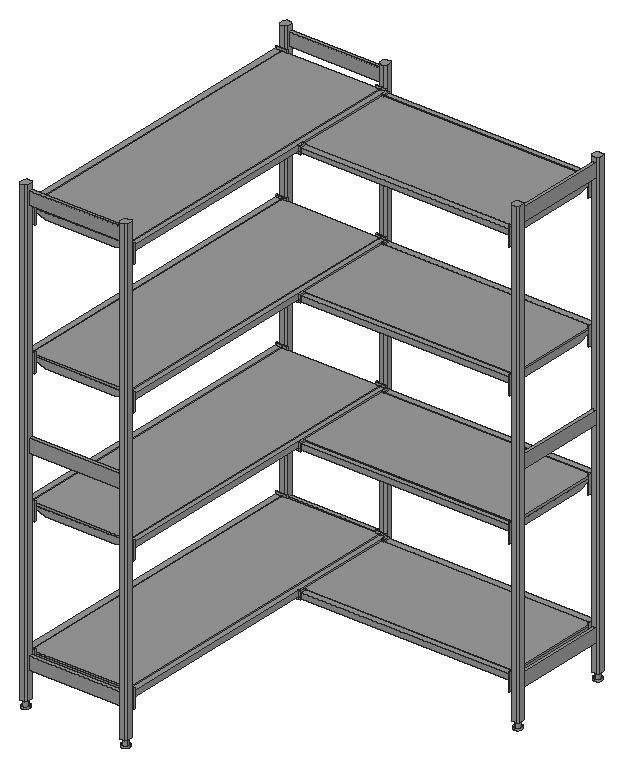
Revit family "QF_ELECTROLUXPROFESSIONAL_137108_CRS1212", category Attrezzature speciali, Revit 2020
Family settings
  Quota connettore circolare = Usa diametro
  Tipo di parte = Normale
  Basato su piano di lavoro = No
  Sempre verticale = Sì
  Taglio con vuoti quando caricato = No
  Condiviso = No
  Punto di calcolo locali = No
Parameters (values of type "Standard")
  Weight = 16.00 kg
  Watts = 0 W
  Volts = 0 V
  URL Manufacturer = "https://www.electroluxprofessional.com/"
  URL = "https://www.electroluxprofessional.com/"
  Steam Supply Size = 0 mm
  Steam Supply Minimum Pressure = 0.0 Pa
  Steam Supply Maximum Pressure = 0.0 Pa
  Steam Consumption per Hour = 0
  Refrigeration Suction Line Size = 0 mm
  Refrigeration Liquid Line Size = 0 mm
  Refrigerant Compressor Remote = yes
  Prospetto di default = 0 mm
  Produttore = "Electrolux Professional"
  Phase = 0
  Modello = "CRS1212"
  Length Actual = 708 mm  # constant formula
  Item Number = "137108"
  Hot Water Size = 0 mm
  Height Actual = 1550 mm  # constant formula
  HP = "0 HP"
  Gas Size = 0 mm
  Gas KW = 0
  Gas Input Pressure = 0 W
  Direct Waste Size = 0 mm
  Descrizione = "ALUM.SHELV.,POLY.TIERS-COLDROOM 123X123"
  Depth Actual = 373 mm  # constant formula
  Cycle = 0 Hz
  Condensate Return Size = 0 mm
  Compressed Air Volume = 0.0 L/s
  Compressed Air Size = 0 mm
  Compressed Air Pressure = 0.0 Pa
  Cold Water Size = 0 mm
  Accessory = yes
Reference planes
  plane 1 "Center (Front/Back)": y = 0
  plane 2: z = 0
  plane 3 "Center (Left/Right)": x = 0
  plane 4: x = -615
  plane 5: y = 615
  plane 6: y = -615
  plane 7: x = 615
  plane 8: x = -558.5
  plane 9: x = 558.5
  plane 10: y = 563
  plane 11: y = -563
Forms (mm)
  Extrusion 1, solid, material "QF_Clearances", detail levels coarse
    sketch origin (0, 0, 0) x (1, 0, 0) y (0, 1, 0)
      loop
        line (-615, -615) -> (615, -615) -> (615, 615) -> (-615, 615) -> (-615, -615)
      loop
        line (558.5, -563) -> (558.5, 563) -> (-558.5, 563) -> (-558.5, -563) -> (558.5, -563)
    from 0 to 1590
Lines and regions (mm)
  symbolic lines, style "QF_Clearances"
    curve 1: line (-615, 615, 0) -> (-615, -615, 0)
    curve 2: line (615, 615, 0) -> (-615, 615, 0)
    curve 3: line (615, -615, 0) -> (615, 615, 0)
Dimensions and locks
  equal spacing: plane 5, plane 1 "Center (Front/Back)", plane 6
  plane 5 to plane 6 = 1230 mm
  equal spacing: plane 4, plane 3 "Center (Left/Right)", plane 7
  plane 4 to plane 7 = 1230 mm
  plane 4 to plane 8 = 56.5 mm
  plane 8 to plane 9 = 1117 mm
  plane 11 to plane 6 = 52 mm
  plane 10 to plane 11 = 1126 mm
  aligned and locked: level to plane 2
  aligned and locked: plane 4 to Extrusion 1 sketch curve
  aligned and locked: Extrusion 1 sketch curve to plane 5
  aligned and locked: Extrusion 1 sketch curve to plane 7
  aligned and locked: Extrusion 1 sketch curve to plane 8
  aligned and locked: plane 10 to Extrusion 1 sketch curve
  aligned and locked: plane 9 to Extrusion 1 sketch curve
  aligned and locked: Extrusion 1 sketch curve to plane 11
  aligned and locked: Extrusion 1 sketch curve to plane 6
Automatic sketch dimensions
  curve 1 to plane 4 = 0 mm
  curve 2 to plane 5 = 0 mm
  curve 2 to plane 7 = 0 mm
  curve 1 to plane 6 = 0 mm
  curve 3 to plane 6 = 0 mm
Nested families
  nested 1: "QF_1062" at (-535.5, 31, 0) x (0, 1, 0) z (0, 0, 1), type "QF_1062"
  nested 2: "QF_708G" at (10.5, 373.5, 0) x (0, 1, 0) z (0, 0, 1), type "QF_708G"
Definition of nested family "QF_1062"
  Parameters
    Default Elevation = 0 mm
    Model = "137014"
    Manufacturer = "Electrolux Professional"
    Description = ""
  Reference planes
    plane 1: z = 0
    plane 2 "Center (Left/Right)": x = -31
    plane 3 "LEFT": x = -594
    plane 4 "RIGHT": x = 532
    plane 5 "BACK": y = 23
    plane 6 "FRONT": y = -350
    plane 7 "TOP": z = 1700
    plane 8: x = 527
    plane 9: x = -562
    plane 10: x = 500
    plane 11 "Center (Front/Back)": y = -163.5
    plane 12: x = 495
    plane 13: y = -8.5
    plane 14: y = -318.5
    plane 15 "FEET": z = 25
    plane 16: z = 140
    plane 17: z = 590
    plane 18: z = 1040
    plane 19: z = 1490
    plane 20 "CXLeft": x = -580
    plane 21 "CXRight": x = 518
    plane 22: y = 5.5
    plane 23 "CYBack": y = 5.5
    plane 24 "CYFront": y = -332.5
  Forms (mm)
    Extrusion 1, solid
      sketch origin (-594, 0, 0) x (0, 1, 0) y (0, 0, 1)
        loop
          line (4, 1515.994) -> (4, 1497.998) -> (23, 1497.998) -> (23, 1515.994) -> (4, 1515.994)
        loop
          line (-331, 1515.994) -> (-350, 1515.994) -> (-350, 1497.998) -> (-331, 1497.998) -> (-331, 1515.994)
        loop
          line (4, 1065.994) -> (4, 1047.998) -> (23, 1047.998) -> (23, 1065.994) -> (4, 1065.994)
        loop
          line (-331, 1065.994) -> (-350, 1065.994) -> (-350, 1047.998) -> (-331, 1047.998) -> (-331, 1065.994)
        loop
          line (4, 615.994) -> (4, 597.998) -> (23, 597.998) -> (23, 615.994) -> (4, 615.994)
        loop
          line (-331, 615.994) -> (-350, 615.994) -> (-350, 597.998) -> (-331, 597.998) -> (-331, 615.994)
        loop
          line (4, 165.994) -> (4, 147.998) -> (23, 147.998) -> (23, 165.994) -> (4, 165.994)
        loop
          line (-331, 165.994) -> (-350, 165.994) -> (-350, 147.998) -> (-331, 147.998) -> (-331, 165.994)
      from 32 to 1094
    Extrusion 2, solid
      sketch origin (-594, 0, 135) x (0, 1, 0) y (0, 0, 1)
        loop
          line (2.007, 1380.994) -> (-329, 1380.994) -> (-329, 1374.496) -> (2.007, 1374.496) -> (2.007, 1380.994)
        loop
          line (2.007, 930.994) -> (-329, 930.994) -> (-329, 924.496) -> (2.007, 924.496) -> (2.007, 930.994)
        loop
          line (2.007, 480.994) -> (-329, 480.994) -> (-329, 474.496) -> (2.007, 474.496) -> (2.007, 480.994)
        loop
          line (2.007, 30.994) -> (-329, 30.994) -> (-329, 24.496) -> (2.007, 24.496) -> (2.007, 30.994)
      from 32 to 1094
    Extrusion 3, solid
      sketch origin (532, 0, 135) x (0, 1, 0) y (0, 0, 1)
        loop
          line (-12, 1362.998) -> (4, 1362.998) -> (4, 1380.994) -> (2.007, 1380.994) -> (2.007, 1374.496) -> (-329, 1374.496) -> (-329, 1380.994) -> (-331, 1380.994) -> (-331, 1362.998) -> (-315, 1362.998) -> (-281, 1350.994) -> (-46, 1350.994) -> (-12, 1362.998)
        loop
          line (-12, 912.998) -> (4, 912.998) -> (4, 930.994) -> (2.007, 930.994) -> (2.007, 924.496) -> (-329, 924.496) -> (-329, 930.994) -> (-331, 930.994) -> (-331, 912.998) -> (-315, 912.998) -> (-281, 900.994) -> (-46, 900.994) -> (-12, 912.998)
        loop
          line (-12, 462.998) -> (4, 462.998) -> (4, 480.994) -> (2.007, 480.994) -> (2.007, 474.496) -> (-329, 474.496) -> (-329, 480.994) -> (-331, 480.994) -> (-331, 462.998) -> (-315, 462.998) -> (-281, 450.994) -> (-46, 450.994) -> (-12, 462.998)
        loop
          line (-12, 12.998) -> (4, 12.998) -> (4, 30.994) -> (2.007, 30.994) -> (2.007, 24.496) -> (-329, 24.496) -> (-329, 30.994) -> (-331, 30.994) -> (-331, 12.998) -> (-315, 12.998) -> (-281, 0.994) -> (-46, 0.994) -> (-12, 12.998)
      from -32 to -37
  Lines and regions (mm)
    symbolic lines
      curve 1: line (500, 4, 1700) -> (-562, 4, 1700)
      curve 2: line (-566, 23, 1700) -> (504, 23, 1700)
      curve 3: line (504, 13.246, 1700) -> (510.254, 19.5, 1700)
      curve 4: line (510.254, -8.5, 1700) -> (504, -2.246, 1700)
      curve 5: line (510.254, -318.5, 1700) -> (504, -324.754, 1700)
      curve 6: line (-566, -350, 1700) -> (504, -350, 1700)
      curve 7: line (504, 23, 1700) -> (504, -12.993, 1700)
      curve 8: line (504, -12.993, 1700) -> (500, -12.993, 1700)
      curve 9: line (504, -350, 1700) -> (504, -314.007, 1700)
      curve 10: line (504, -314.007, 1700) -> (500, -314.007, 1700)
      curve 11: line (-562, -12.993, 1700) -> (-562, -314.007, 1700)
      curve 12: line (-562, -331, 1700) -> (500, -331, 1700)
      curve 13: line (500, -12.993, 1700) -> (500, -314.007, 1700)
  Dimensions and locks
    locked: plane 3 "LEFT" to plane 4 "RIGHT" at 1126
    equal spacing: plane 3 "LEFT", plane 2 "Center (Left/Right)", plane 4 "RIGHT"
    locked: plane 7 "TOP" to level at 1700
    locked: plane 5 "BACK" to plane 6 "FRONT" at 373
    locked: plane 4 "RIGHT" to plane 8 at 5
    locked: plane 9 to plane 10 at 1062
    locked: plane 3 "LEFT" to plane 9 at 32
    plane 12 to plane 10 = 5 mm
    locked: plane 13 to plane 14 at 310
    equal spacing: plane 13, plane 11 "Center (Front/Back)", plane 14
    equal spacing: plane 5 "BACK", plane 11 "Center (Front/Back)", plane 6 "FRONT"
    plane 15 "FEET" to level = 25 mm
    plane 7 "TOP" to plane 15 "FEET" = 1675 mm
    plane 17 to plane 16 = 450 mm
    plane 18 to plane 17 = 450 mm
    plane 19 to plane 18 = 450 mm
    locked: plane 3 "LEFT" to plane 20 "CXLeft" at 14
    locked: plane 21 "CXRight" to plane 4 "RIGHT" at 14
    locked: plane 5 "BACK" to plane 23 "CYBack" at 17.5
    locked: plane 24 "CYFront" to plane 6 "FRONT" at 17.5
    plane 16 to level = 140 mm
    plane 17 to level = 590 mm
    plane 18 to level = 1040 mm
    plane 19 to level = 1490 mm
    aligned and locked: level to plane 1
    aligned and locked: plane 9 to Extrusion 2
    aligned and locked: Extrusion 2 to plane 10
    aligned and locked: plane 9 to Extrusion 1
    aligned and locked: Extrusion 1 to plane 10
    aligned and locked: Extrusion 1 sketch curve to Extrusion 1 sketch curve  (x2)
    aligned and locked: Extrusion 3 sketch curve to Extrusion 3 sketch curve  (x3)
    aligned and locked: Extrusion 3 to plane 12
    aligned and locked: Extrusion 3 to plane 10
    aligned and locked: plane 20 "CXLeft" to nested 1
    aligned and locked: plane 21 "CXRight" to nested 2
  Automatic sketch dimensions
    Extrusion 1 sketch curve to plane 6 "FRONT" = 0 mm  (x4)
    Extrusion 1 sketch curve to plane 5 "BACK" = 0 mm  (x4)
    plane 24 "CYFront" to Extrusion 1 sketch curve = 1.5 mm  (x2)
    plane 22 to Extrusion 1 sketch curve = 1.5 mm  (x4)
    plane 16 to Extrusion 1 sketch curve = 7.998 mm  (x2)
    Extrusion 1 sketch curve to Extrusion 1 sketch curve = 17.997 mm  (x8)
    plane 17 to Extrusion 1 sketch curve = 7.998 mm  (x2)
    plane 18 to Extrusion 1 sketch curve = 7.998 mm  (x2)
    plane 19 to Extrusion 1 sketch curve = 7.998 mm  (x2)
    plane 24 "CYFront" to Extrusion 2 sketch curve = 3.5 mm  (x4)
    plane 22 to Extrusion 2 sketch curve = 3.493 mm  (x4)
    plane 16 to Extrusion 2 sketch curve = 19.496 mm
    Extrusion 2 sketch curve to Extrusion 2 sketch curve = 6.499 mm  (x4)
    plane 17 to Extrusion 2 sketch curve = 19.496 mm
    plane 18 to Extrusion 2 sketch curve = 19.496 mm
    plane 19 to Extrusion 2 sketch curve = 19.496 mm
    plane 24 "CYFront" to Extrusion 3 sketch curve = 1.5 mm  (x4)
    Extrusion 3 sketch curve to Extrusion 3 sketch curve = 2 mm
    plane 14 to Extrusion 3 sketch curve = 3.5 mm  (x4)
    Extrusion 3 sketch curve to plane 16 = 4.006 mm
    Extrusion 3 sketch curve to Extrusion 3 sketch curve = 34 mm  (x4)
    Extrusion 3 sketch curve to plane 17 = 4.006 mm
    Extrusion 3 sketch curve to plane 18 = 4.006 mm
    Extrusion 3 sketch curve to plane 19 = 4.006 mm
    Extrusion 3 sketch curve to plane 13 = 37.5 mm  (x4)
    Extrusion 3 sketch curve to plane 13 = 3.5 mm  (x4)
    plane 22 to Extrusion 3 sketch curve = 3.493 mm  (x4)
    plane 22 to Extrusion 3 sketch curve = 1.5 mm  (x4)
    plane 16 to Extrusion 3 sketch curve = 7.998 mm  (x2)
    Extrusion 3 sketch curve to Extrusion 3 sketch curve = 11.498 mm  (x4)
    Extrusion 3 sketch curve to Extrusion 3 sketch curve = 6.499 mm  (x8)
    plane 17 to Extrusion 3 sketch curve = 7.998 mm  (x2)
    plane 18 to Extrusion 3 sketch curve = 7.998 mm  (x2)
    plane 19 to Extrusion 3 sketch curve = 7.998 mm  (x2)
    curve 6 to plane 6 "FRONT" = 0 mm
    curve 12 to plane 9 = 0 mm
    curve 12 to plane 10 = 0 mm
    curve 5 to plane 14 = 0 mm
    curve 11 to plane 9 = 0 mm
    curve 8 to plane 10 = 0 mm
    curve 4 to plane 13 = 0 mm
    curve 1 to plane 9 = 0 mm
    curve 1 to plane 10 = 0 mm
    curve 2 to plane 5 "BACK" = 0 mm
    plane 14 to curve 10 = 4.493 mm
    curve 7 to plane 13 = 4.493 mm
    curve 10 to plane 10 = 4 mm
    curve 7 to plane 10 = 4 mm
    plane 24 "CYFront" to curve 12 = 1.5 mm
    curve 5 to plane 14 = 6.254 mm
    plane 14 to curve 11 = 4.493 mm
    curve 11 to plane 13 = 4.493 mm
    plane 13 to curve 4 = 6.254 mm
    plane 22 to curve 1 = 1.5 mm
    curve 3 to plane 22 = 7.746 mm
    curve 3 to plane 5 "BACK" = 3.5 mm
    curve 5 to curve 9 = 6.254 mm
    curve 3 to curve 2 = 6.254 mm
    curve 4 to curve 7 = 6.254 mm
    plane 9 to curve 2 = 4 mm
    plane 9 to curve 6 = 4 mm
  Nested families
    nested 1: "WT_Anta373B" at (-177, 0, 0), type "WT_Anta373B"
    nested 2: "WT_Anta373B" at (115, 0, 0) x (-1, 0, 0) z (0, 0, 1), type "WT_Anta373B"
  Definition of nested family "WT_Anta373B"
    Parameters
      WidthLeft = A + 64 mm  # 772 mm
      Width = 1606 mm
      Right = WidthLeft / 2  # 386 mm
      Default Elevation = 0 mm
      Left = -WidthLeft / 2  # -386 mm
      Height = 1590 mm
      FEET = 25 mm
      E = 0 mm
      Dint = Depth - 63 mm  # 310 mm
      Dext = Depth - 8 mm  # 365 mm
      Depth = 373 mm
      DX = (WidthLeft - A) / 2  # 32 mm
      B = 798 mm
      A = 708 mm
    Reference planes
      plane 1: z = 0
      plane 2 "LEFT": x = -417
      plane 3 "BACK": y = 23
      plane 4 "FRONT": y = -350
      plane 5 "TOP": z = 1590
      plane 6 "Center (Front/Back)": y = -163.5
      plane 7: y = -8.5
      plane 8: y = -318.5
      plane 9 "FEET": z = 25
      plane 10: z = 140
      plane 11: z = 590
      plane 12: z = 1040
      plane 13: z = 1490
      plane 14 "CXLeft": x = -403
      plane 15: y = 5.5
      plane 16 "CYBack": y = 5.5
      plane 17 "CYFront": y = -332.5
      plane 18: x = -385.031
      plane 19: x = -380.031
    Forms (mm)
      Extrusion 1, solid
        sketch origin (0, 0, 0) x (1, 0, 0) y (0, 1, 0)
          loop
            line (-417, 13.246) -> (-417, -2.246) -> (-410.746, -8.5) -> (-395.254, -8.5) -> (-389, -2.246) -> (-389, 13.246) -> (-395.254, 19.5) -> (-410.746, 19.5) -> (-417, 13.246)
        from 1590 to 25
      Extrusion 2, solid
        sketch origin (-417, 0, 0) x (0, 1, 0) y (0, 0, 1)
          loop
            line (23, 111.005) -> (23, 172.993) -> (-12.993, 172.993) -> (-12.993, 111.005) -> (23, 111.005)
          loop
            line (-350, 111.005) -> (-314.007, 111.005) -> (-314.007, 172.993) -> (-350, 172.993) -> (-350, 111.005)
          loop
            line (23, 561.005) -> (23, 622.993) -> (-12.993, 622.993) -> (-12.993, 561.005) -> (23, 561.005)
          loop
            line (-350, 561.005) -> (-314.007, 561.005) -> (-314.007, 622.993) -> (-350, 622.993) -> (-350, 561.005)
          loop
            line (23, 1011.005) -> (23, 1072.993) -> (-12.993, 1072.993) -> (-12.993, 1011.005) -> (23, 1011.005)
          loop
            line (-350, 1011.005) -> (-314.007, 1011.005) -> (-314.007, 1072.993) -> (-350, 1072.993) -> (-350, 1011.005)
          loop
            line (23, 1461.005) -> (23, 1522.993) -> (-12.993, 1522.993) -> (-12.993, 1461.005) -> (23, 1461.005)
          loop
            line (-350, 1461.005) -> (-314.007, 1461.005) -> (-314.007, 1522.993) -> (-350, 1522.993) -> (-350, 1461.005)
        from 28 to 32
      Revolve 3, solid
        sketch origin (-403, 0, 0) x (0, 1, 0) y (0, 0, 1)
          loop
            line (5.5, 25) -> (5.5, 0) -> (19, 0) -> (19, 5) -> (14, 5) -> (14, 25) -> (5.5, 25)
          axis (5.5, 25) -> (5.5, 0)
        angle from 0 to 360
      Extrusion 4, solid
        sketch origin (-403, 0, 0) x (0, 1, 0) y (0, 0, 1)
          loop
            line (-8.5, 777.382) -> (-8.5, 822.374) -> (-318.5, 822.374) -> (-318.5, 777.382) -> (-8.5, 777.382)
          loop
            line (-8.5, 1527.244) -> (-8.5, 1572.236) -> (-318.5, 1572.236) -> (-318.5, 1527.244) -> (-8.5, 1527.244)
        from -5 to 5
      Revolve 5, solid
        sketch origin (-403, -627, 0) x (0, -1, 0) y (0, 0, 1)
          loop
            line (-294.5, 25) -> (-294.5, 0) -> (-281, 0) -> (-281, 5) -> (-286, 5) -> (-286, 25) -> (-294.5, 25)
          axis (-294.5, 25) -> (-294.5, 0)
        angle from 0 to 360
      Extrusion 6, solid
        sketch origin (0, -627, 0) x (1, 0, 0) y (0, 1, 0)
          loop
            line (-417, 286.754) -> (-410.746, 280.5) -> (-395.254, 280.5) -> (-389, 286.754) -> (-389, 302.246) -> (-395.254, 308.5) -> (-410.746, 308.5) -> (-417, 302.246) -> (-417, 286.754)
        from 1590 to 25
      Extrusion 7, solid
        sketch origin (-417.031, -0.022, 0) x (0, 1, 0) y (0, 0, -1)
          loop
            line (-12, -1497.998) -> (-46, -1485.994) -> (-281, -1485.994) -> (-315, -1497.998) -> (-331, -1497.998) -> (-331, -1515.994) -> (-329, -1515.994) -> (-329, -1509.496) -> (2.007, -1509.496) -> (2.007, -1515.994) -> (4, -1515.994) -> (4, -1497.998) -> (-12, -1497.998)
          loop
            line (-12, -1047.998) -> (-46, -1035.994) -> (-281, -1035.994) -> (-315, -1047.998) -> (-331, -1047.998) -> (-331, -1065.994) -> (-329, -1065.994) -> (-329, -1059.496) -> (2.007, -1059.496) -> (2.007, -1065.994) -> (4, -1065.994) -> (4, -1047.998) -> (-12, -1047.998)
          loop
            line (-12, -597.998) -> (-46, -585.994) -> (-281, -585.994) -> (-315, -597.998) -> (-331, -597.998) -> (-331, -615.994) -> (-329, -615.994) -> (-329, -609.496) -> (2.007, -609.496) -> (2.007, -615.994) -> (4, -615.994) -> (4, -597.998) -> (-12, -597.998)
          loop
            line (-12, -147.998) -> (-46, -135.994) -> (-281, -135.994) -> (-315, -147.998) -> (-331, -147.998) -> (-331, -165.994) -> (-329, -165.994) -> (-329, -159.496) -> (2.007, -159.496) -> (2.007, -165.994) -> (4, -165.994) -> (4, -147.998) -> (-12, -147.998)
        from -32 to -37
      Extrusion 8, solid
        sketch origin (-403, 0, -659.878) x (0, 1, 0) y (0, 0, 1)
          loop
            line (-8.5, 777.382) -> (-8.5, 822.374) -> (-318.5, 822.374) -> (-318.5, 777.382) -> (-8.5, 777.382)
          loop
            line (-8.5, 1437.382) -> (-8.5, 1482.374) -> (-318.5, 1482.374) -> (-318.5, 1437.382) -> (-8.5, 1437.382)
          loop
            line (-8.5, 2187.382) -> (-8.5, 2232.374) -> (-318.5, 2232.374) -> (-318.5, 2187.382) -> (-8.5, 2187.382)
        from -5 to 5
    Lines and regions (mm)
      symbolic lines
        curve 1: line (-408, -8.5, 1590) -> (-408, -318.5, 1590)
        curve 2: line (-398, -318.5, 1590) -> (-398, -8.5, 1590)
        curve 3: line (-395.254, -8.5, 1590) -> (-410.746, -8.5, 1590)
        curve 4: line (-417, -2.246, 1590) -> (-410.746, -8.5, 1590)
        curve 5: line (-417, 13.246, 1590) -> (-417, -2.246, 1590)
        curve 6: line (-410.746, 19.5, 1590) -> (-417, 13.246, 1590)
        curve 7: line (-395.254, 19.5, 1590) -> (-410.746, 19.5, 1590)
        curve 8: line (-389, 13.246, 1590) -> (-395.254, 19.5, 1590)
        curve 9: line (-395.254, -8.5, 1590) -> (-389, -2.246, 1590)
        curve 10: line (-395.254, -318.5, 1590) -> (-410.746, -318.5, 1590)
        curve 11: line (-417, -324.754, 1590) -> (-410.746, -318.5, 1590)
        curve 12: line (-410.746, -346.5, 1590) -> (-417, -340.246, 1590)
        curve 13: line (-395.254, -346.5, 1590) -> (-410.746, -346.5, 1590)
        curve 14: line (-389, -340.246, 1590) -> (-395.254, -346.5, 1590)
        curve 15: line (-395.254, -318.5, 1590) -> (-389, -324.754, 1590)
        curve 16: line (-389, -350, 1590) -> (-389, -314.007, 1590)
        curve 17: line (-389, -314.007, 1590) -> (-385, -314.007, 1590)
        curve 18: line (-389, 23, 1590) -> (-389, -12.993, 1590)
        curve 19: line (-389, -12.993, 1590) -> (-385, -12.993, 1590)
        curve 20: line (-417, -324.754, 1590) -> (-417, -340.246, 1590)
        curve 21: line (-385, -350, 1590) -> (-385, -314.007, 1590)
        curve 22: line (-385, -350, 1590) -> (-389, -350, 1590)
        curve 23: line (-385, 23, 1590) -> (-389, 23, 1590)
        curve 24: line (-385, -12.993, 1590) -> (-385, 23, 1590)
        curve 25: line (-385.031, -13.016, 1725) -> (-385.031, -314.029, 1725)
    Dimensions and locks
      "Depth": plane 3 "BACK" to plane 4 "FRONT"
      "Dint": plane 7 to plane 8
      equal spacing: plane 7, plane 6 "Center (Front/Back)", plane 8
      equal spacing: plane 3 "BACK", plane 6 "Center (Front/Back)", plane 4 "FRONT"
      plane 9 "FEET" to level = 25 mm
      plane 10 to plane 9 "FEET" = 115 mm
      plane 11 to plane 10 = 450 mm
      plane 12 to plane 11 = 450 mm
      plane 13 to plane 12 = 450 mm
      locked: plane 2 "LEFT" to plane 14 "CXLeft" at 14
      locked: plane 3 "BACK" to plane 16 "CYBack" at 17.5
      locked: plane 17 "CYFront" to plane 4 "FRONT" at 17.5
      locked: Revolve 3 sketch curve to Revolve 3 sketch curve at 8.5
      locked: Revolve 3 sketch curve to plane 16 "CYBack" at 13.5
      locked: Revolve 5 sketch curve to Revolve 5 sketch curve at 8.5
      plane 10 to level = 140 mm
      plane 11 to level = 590 mm
      plane 12 to level = 1040 mm
      plane 13 to level = 1490 mm
      "Height": plane 5 "TOP" to level
      aligned and locked: level to plane 1
      aligned and locked: curve 20 to Extrusion 6
      aligned and locked: plane 5 "TOP" to Extrusion 1
      aligned and locked: plane 5 "TOP" to Extrusion 6
      aligned and locked: Extrusion 7 sketch curve to Extrusion 7 sketch curve  (x3)
    Automatic sketch dimensions
      curve 16 to plane 4 "FRONT" = 0 mm
      curve 11 to plane 8 = 0 mm
      curve 9 to plane 7 = 0 mm
      curve 5 to plane 2 "LEFT" = 0 mm
      curve 23 to plane 3 "BACK" = 0 mm
      plane 4 "FRONT" to curve 13 = 3.5 mm
      curve 20 to plane 17 "CYFront" = 7.746 mm
      curve 20 to plane 8 = 6.254 mm
      plane 8 to curve 16 = 4.493 mm
      curve 24 to plane 18 = 0.031 mm
      curve 24 to plane 7 = 4.493 mm
      plane 7 to curve 5 = 6.254 mm
      curve 5 to plane 15 = 7.746 mm
      curve 6 to plane 3 "BACK" = 3.5 mm
      curve 21 to plane 18 = 0.031 mm
      plane 18 to curve 23 = 3.969 mm
      plane 18 to curve 16 = 3.969 mm
      curve 18 to curve 8 = 6.254 mm
      curve 18 to curve 3 = 6.254 mm
      curve 16 to curve 13 = 6.254 mm
      curve 16 to curve 15 = 6.254 mm
      plane 2 "LEFT" to curve 10 = 6.254 mm
      plane 2 "LEFT" to curve 7 = 6.254 mm
      plane 2 "LEFT" to curve 12 = 6.254 mm
      plane 2 "LEFT" to curve 3 = 6.254 mm
      curve 14 to plane 17 "CYFront" = 7.746 mm
      curve 15 to plane 8 = 6.254 mm
      plane 7 to curve 9 = 6.254 mm
      curve 8 to plane 15 = 7.746 mm
      curve 3 to curve 2 = 2.746 mm
      curve 1 to curve 10 = 2.746 mm
      Extrusion 1 sketch curve to plane 2 "LEFT" = 0 mm
      Extrusion 1 sketch curve to plane 7 = 0 mm
      plane 2 "LEFT" to Extrusion 1 sketch curve = 6.254 mm  (x2)
      plane 14 "CXLeft" to Extrusion 1 sketch curve = 7.746 mm  (x2)
      Extrusion 1 sketch curve to plane 3 "BACK" = 3.5 mm
      plane 18 to Extrusion 1 sketch curve = 3.969 mm
      plane 7 to Extrusion 1 sketch curve = 6.254 mm  (x2)
      Extrusion 1 sketch curve to plane 15 = 7.746 mm  (x2)
      Extrusion 2 sketch curve to plane 4 "FRONT" = 0 mm  (x4)
      Extrusion 2 sketch curve to plane 3 "BACK" = 0 mm  (x4)
      plane 8 to Extrusion 2 sketch curve = 4.493 mm  (x4)
      Extrusion 2 sketch curve to plane 7 = 4.493 mm  (x4)
      Extrusion 2 sketch curve to plane 10 = 28.995 mm  (x2)
      plane 10 to Extrusion 2 sketch curve = 32.993 mm  (x2)
      Extrusion 2 sketch curve to plane 11 = 28.995 mm  (x2)
      plane 11 to Extrusion 2 sketch curve = 32.993 mm  (x2)
      Extrusion 2 sketch curve to plane 12 = 28.995 mm  (x2)
      plane 12 to Extrusion 2 sketch curve = 32.993 mm  (x2)
      Extrusion 2 sketch curve to plane 13 = 28.995 mm  (x2)
      plane 13 to Extrusion 2 sketch curve = 32.993 mm  (x2)
      Revolve 3 sketch curve to plane 9 "FEET" = 0 mm  (x2)
      Revolve 3 sketch curve to plane 15 = 0 mm  (x2)
      Revolve 3 sketch curve to level = 0 mm
      level to Revolve 3 sketch curve = 5 mm
      Revolve 3 sketch curve to Revolve 3 sketch curve = 11.655 mm
      Extrusion 4 sketch curve to plane 8 = 0 mm  (x2)
      Extrusion 4 sketch curve to plane 7 = 0 mm  (x2)
      plane 11 to Extrusion 4 sketch curve = 187.382 mm
      Extrusion 4 sketch curve to Extrusion 4 sketch curve = 44.992 mm
      plane 13 to Extrusion 4 sketch curve = 37.244 mm
      Extrusion 4 sketch curve to plane 5 "TOP" = 17.764 mm
      Revolve 5 sketch curve to plane 9 "FEET" = 0 mm  (x2)
      Revolve 5 sketch curve to plane 17 "CYFront" = 0 mm  (x2)
      Revolve 5 sketch curve to level = 0 mm
      Revolve 5 sketch curve to plane 4 "FRONT" = 4 mm
      Revolve 5 sketch curve to Revolve 5 sketch curve = 5 mm
      level to Revolve 5 sketch curve = 11.655 mm
      Extrusion 6 sketch curve to plane 2 "LEFT" = 0 mm
      Extrusion 6 sketch curve to plane 8 = 0 mm
      Extrusion 6 sketch curve to plane 2 "LEFT" = 6.254 mm  (x2)
      Extrusion 6 sketch curve to plane 14 "CXLeft" = 7.746 mm  (x2)
      Extrusion 6 sketch curve to plane 4 "FRONT" = 3.5 mm
      Extrusion 6 sketch curve to plane 18 = 3.969 mm
      plane 8 to Extrusion 6 sketch curve = 6.254 mm  (x2)
      plane 17 "CYFront" to Extrusion 6 sketch curve = 7.746 mm  (x2)
      plane 17 "CYFront" to Extrusion 7 sketch curve = 1.478 mm  (x4)
      Extrusion 7 sketch curve to Extrusion 7 sketch curve = 2 mm
      plane 8 to Extrusion 7 sketch curve = 3.478 mm  (x4)
      Extrusion 7 sketch curve to plane 10 = 4.006 mm
      Extrusion 7 sketch curve to Extrusion 7 sketch curve = 34 mm  (x4)
      Extrusion 7 sketch curve to plane 11 = 4.006 mm
      Extrusion 7 sketch curve to plane 12 = 4.006 mm
      Extrusion 7 sketch curve to plane 13 = 4.006 mm
      Extrusion 7 sketch curve to plane 7 = 37.522 mm  (x4)
      Extrusion 7 sketch curve to plane 7 = 3.522 mm  (x4)
      plane 15 to Extrusion 7 sketch curve = 3.516 mm  (x4)
      plane 15 to Extrusion 7 sketch curve = 1.522 mm  (x4)
      plane 13 to Extrusion 7 sketch curve = 7.998 mm  (x2)
      Extrusion 7 sketch curve to Extrusion 7 sketch curve = 11.498 mm
      Extrusion 7 sketch curve to Extrusion 7 sketch curve = 6.499 mm  (x5)
      plane 12 to Extrusion 7 sketch curve = 25.994 mm  (x2)
      plane 12 to Extrusion 7 sketch curve = 7.998 mm  (x2)
      plane 11 to Extrusion 7 sketch curve = 25.994 mm  (x2)
      plane 11 to Extrusion 7 sketch curve = 7.998 mm  (x2)
      plane 10 to Extrusion 7 sketch curve = 25.994 mm  (x2)
      plane 10 to Extrusion 7 sketch curve = 7.998 mm  (x2)
      curve 25 to plane 18 = 0 mm
      plane 8 to curve 25 = 4.471 mm
      curve 25 to plane 7 = 4.516 mm
      Extrusion 8 sketch curve to plane 8 = 0 mm  (x3)
      Extrusion 8 sketch curve to plane 7 = 0 mm  (x3)
      Extrusion 8 sketch curve to plane 10 = 22.496 mm
      plane 10 to Extrusion 8 sketch curve = 22.496 mm
      plane 11 to Extrusion 8 sketch curve = 187.504 mm
      Extrusion 8 sketch curve to Extrusion 8 sketch curve = 44.992 mm
      plane 13 to Extrusion 8 sketch curve = 37.504 mm
      Extrusion 8 sketch curve to plane 5 "TOP" = 17.504 mm
Definition of nested family "QF_708G"
  Parameters
    Default Elevation = 0 mm
    Model = "137030"
    Manufacturer = "Electrolux Professional"
    Description = ""
  Reference planes
    plane 1: z = 0
    plane 2 "Center (F/B)": y = -163.5
    plane 3 "Front": y = -549.5
    plane 4 "Left": x = -217.5
    plane 5 "Right": x = 155.5
    plane 6 "TOP": z = 1700
    plane 7: y = -517.5
    plane 8: y = 190.5
    plane 9 "Center (Left/Right)": x = -31
    plane 10: y = 185.5
    plane 11: x = -186
    plane 12: x = 124
    plane 13 "FEET": z = 25
    plane 14: z = 140
    plane 15: z = 590
    plane 16: z = 1040
    plane 17: z = 1490
    plane 18 "CXLeft": y = -535.5
    plane 19: x = -200
    plane 20 "CYBack": x = -200
    plane 21 "CYFront": x = 138
    plane 22 "Back": y = 194.5
    plane 23 "LEFT_ORIGIN": x = -251.5
    plane 24 "BACK_Origin": y = 567.5
  Forms (mm)
    Extrusion 1, solid
      sketch origin (0, -549.5, 0) x (-1, 0, 0) y (0, 0, 1)
        loop
          line (198.5, 1515.994) -> (198.5, 1497.998) -> (217.5, 1497.998) -> (217.5, 1515.994) -> (198.5, 1515.994)
        loop
          line (-136.5, 1515.994) -> (-155.5, 1515.994) -> (-155.5, 1497.998) -> (-136.5, 1497.998) -> (-136.5, 1515.994)
        loop
          line (198.5, 1065.994) -> (198.5, 1047.998) -> (217.5, 1047.998) -> (217.5, 1065.994) -> (198.5, 1065.994)
        loop
          line (-136.5, 1065.994) -> (-155.5, 1065.994) -> (-155.5, 1047.998) -> (-136.5, 1047.998) -> (-136.5, 1065.994)
        loop
          line (198.5, 615.994) -> (198.5, 597.998) -> (217.5, 597.998) -> (217.5, 615.994) -> (198.5, 615.994)
        loop
          line (-136.5, 615.994) -> (-155.5, 615.994) -> (-155.5, 597.998) -> (-136.5, 597.998) -> (-136.5, 615.994)
        loop
          line (198.5, 165.994) -> (198.5, 147.998) -> (217.5, 147.998) -> (217.5, 165.994) -> (198.5, 165.994)
        loop
          line (-136.5, 165.994) -> (-155.5, 165.994) -> (-155.5, 147.998) -> (-136.5, 147.998) -> (-136.5, 165.994)
      from 32 to 740
    Extrusion 2, solid
      sketch origin (0, -549.5, 0) x (-1, 0, 0) y (0, 0, 1)
        loop
          line (196.507, 1515.994) -> (-134.5, 1515.994) -> (-134.5, 1509.496) -> (196.507, 1509.496) -> (196.507, 1515.994)
        loop
          line (196.507, 1065.994) -> (-134.5, 1065.994) -> (-134.5, 1059.496) -> (196.507, 1059.496) -> (196.507, 1065.994)
        loop
          line (196.507, 615.994) -> (-134.5, 615.994) -> (-134.5, 609.496) -> (196.507, 609.496) -> (196.507, 615.994)
        loop
          line (196.507, 165.994) -> (-134.5, 165.994) -> (-134.5, 159.496) -> (196.507, 159.496) -> (196.507, 165.994)
      from 32 to 740
  Lines and regions (mm)
    symbolic lines
      curve 1: line (-198.5, 190.5, 1700) -> (-198.5, -517.5, 1700)
      curve 2: line (-217.5, -521.5, 1700) -> (-217.5, 190.5, 1700)
      curve 3: line (155.5, -521.5, 1700) -> (155.5, 190.5, 1700)
      curve 4: line (-181.507, -517.5, 1700) -> (119.507, -517.5, 1700)
      curve 5: line (136.5, -517.5, 1700) -> (136.5, 190.5, 1700)
      curve 6: line (-198.5, 190.5, 1700) -> (136.5, 190.5, 1700)
  Dimensions and locks
    plane 3 "Front" to plane 2 "Center (F/B)" = 386 mm
    locked: plane 4 "Left" to plane 5 "Right" at 373
    locked: plane 7 to plane 8 at 708
    locked: plane 3 "Front" to plane 7 at 32
    plane 10 to plane 8 = 5 mm
    locked: plane 11 to plane 12 at 310
    equal spacing: plane 11, plane 9 "Center (Left/Right)", plane 12
    equal spacing: plane 4 "Left", plane 9 "Center (Left/Right)", plane 5 "Right"
    locked: plane 3 "Front" to plane 18 "CXLeft" at 14
    locked: plane 3 "Front" to plane 22 "Back" at 744
    plane 23 "LEFT_ORIGIN" to plane 5 "Right" = 407 mm
    locked: plane 22 "Back" to plane 24 "BACK_Origin" at 373
    plane 14 to level = 140 mm
    plane 15 to level = 590 mm
    plane 16 to level = 1040 mm
    locked: plane 6 "TOP" to level at 1700
    plane 17 to level = 1490 mm
    plane 13 "FEET" to level = 25 mm
    aligned and locked: level to plane 1
    aligned and locked: Extrusion 2 to plane 7
    aligned and locked: plane 8 to Extrusion 2
    aligned and locked: Extrusion 1 to plane 7
    aligned and locked: plane 8 to Extrusion 1
    aligned and locked: Extrusion 1 sketch curve to Extrusion 1 sketch curve  (x2)
    aligned and locked: nested 1 to plane 18 "CXLeft"
    aligned and locked: nested 2 to plane 10
  Automatic sketch dimensions
    curve 2 to plane 4 "Left" = 0 mm
    curve 3 to plane 5 "Right" = 0 mm
    plane 7 to curve 1 = 0 mm
    plane 7 to curve 4 = 0 mm
    plane 7 to curve 5 = 0 mm
    plane 8 to curve 2 = 0 mm
    plane 8 to curve 1 = 0 mm
    plane 8 to curve 3 = 0 mm
    plane 21 "CYFront" to curve 5 = 1.5 mm
    plane 19 to curve 6 = 1.5 mm
    plane 7 to curve 3 = 4 mm
    plane 7 to curve 2 = 4 mm
    plane 12 to curve 4 = 4.493 mm
    curve 4 to plane 11 = 4.493 mm
    plane 5 "Right" to Extrusion 1 sketch curve = 0 mm  (x4)
    plane 4 "Left" to Extrusion 1 sketch curve = 0 mm  (x4)
    plane 21 "CYFront" to Extrusion 1 sketch curve = 1.5 mm  (x2)
    plane 19 to Extrusion 1 sketch curve = 1.5 mm  (x4)
    plane 14 to Extrusion 1 sketch curve = 7.998 mm  (x2)
    Extrusion 1 sketch curve to Extrusion 1 sketch curve = 17.997 mm  (x8)
    plane 15 to Extrusion 1 sketch curve = 7.998 mm  (x2)
    plane 16 to Extrusion 1 sketch curve = 7.998 mm  (x2)
    plane 17 to Extrusion 1 sketch curve = 7.998 mm  (x2)
    plane 21 "CYFront" to Extrusion 2 sketch curve = 3.5 mm  (x4)
    plane 19 to Extrusion 2 sketch curve = 3.493 mm  (x4)
    plane 14 to Extrusion 2 sketch curve = 19.496 mm
    Extrusion 2 sketch curve to Extrusion 2 sketch curve = 6.499 mm  (x4)
    plane 15 to Extrusion 2 sketch curve = 19.496 mm
    plane 16 to Extrusion 2 sketch curve = 19.496 mm
    plane 17 to Extrusion 2 sketch curve = 19.496 mm
  Nested families
    nested 1: "WT_Anta373B" at (-194.5, -132.5, 0) x (0, 1, 0) z (0, 0, 1), type "WT_Anta373B"
    nested 2: "WT_Aggancio373B" at (-194.5, 602.5, 0) x (0, 1, 0) z (0, 0, 1), type "WT_Aggancio373B"
  Definition of nested family "WT_Anta373B"
    Parameters
      WidthLeft = A + 64 mm  # 772 mm
      Width = 1606 mm
      Right = WidthLeft / 2  # 386 mm
      Default Elevation = 0 mm
      Left = -WidthLeft / 2  # -386 mm
      Height = 1590 mm
      FEET = 25 mm
      E = 0 mm
      Dint = Depth - 63 mm  # 310 mm
      Dext = Depth - 8 mm  # 365 mm
      Depth = 373 mm
      DX = (WidthLeft - A) / 2  # 32 mm
      B = 798 mm
      A = 708 mm
    Reference planes
      plane 1: z = 0
      plane 2 "LEFT": x = -417
      plane 3 "BACK": y = 23
      plane 4 "FRONT": y = -350
      plane 5 "TOP": z = 1590
      plane 6 "Center (Front/Back)": y = -163.5
      plane 7: y = -8.5
      plane 8: y = -318.5
      plane 9 "FEET": z = 25
      plane 10: z = 140
      plane 11: z = 590
      plane 12: z = 1040
      plane 13: z = 1490
      plane 14 "CXLeft": x = -403
      plane 15: y = 5.5
      plane 16 "CYBack": y = 5.5
      plane 17 "CYFront": y = -332.5
      plane 18: x = -385.031
      plane 19: x = -380.031
    Forms (mm)
      Extrusion 1, solid
        sketch origin (0, 0, 0) x (1, 0, 0) y (0, 1, 0)
          loop
            line (-417, 13.246) -> (-417, -2.246) -> (-410.746, -8.5) -> (-395.254, -8.5) -> (-389, -2.246) -> (-389, 13.246) -> (-395.254, 19.5) -> (-410.746, 19.5) -> (-417, 13.246)
        from 1590 to 25
      Extrusion 2, solid
        sketch origin (-417, 0, 0) x (0, 1, 0) y (0, 0, 1)
          loop
            line (23, 111.005) -> (23, 172.993) -> (-12.993, 172.993) -> (-12.993, 111.005) -> (23, 111.005)
          loop
            line (-350, 111.005) -> (-314.007, 111.005) -> (-314.007, 172.993) -> (-350, 172.993) -> (-350, 111.005)
          loop
            line (23, 561.005) -> (23, 622.993) -> (-12.993, 622.993) -> (-12.993, 561.005) -> (23, 561.005)
          loop
            line (-350, 561.005) -> (-314.007, 561.005) -> (-314.007, 622.993) -> (-350, 622.993) -> (-350, 561.005)
          loop
            line (23, 1011.005) -> (23, 1072.993) -> (-12.993, 1072.993) -> (-12.993, 1011.005) -> (23, 1011.005)
          loop
            line (-350, 1011.005) -> (-314.007, 1011.005) -> (-314.007, 1072.993) -> (-350, 1072.993) -> (-350, 1011.005)
          loop
            line (23, 1461.005) -> (23, 1522.993) -> (-12.993, 1522.993) -> (-12.993, 1461.005) -> (23, 1461.005)
          loop
            line (-350, 1461.005) -> (-314.007, 1461.005) -> (-314.007, 1522.993) -> (-350, 1522.993) -> (-350, 1461.005)
        from 28 to 32
      Revolve 3, solid
        sketch origin (-403, 0, 0) x (0, 1, 0) y (0, 0, 1)
          loop
            line (5.5, 25) -> (5.5, 0) -> (19, 0) -> (19, 5) -> (14, 5) -> (14, 25) -> (5.5, 25)
          axis (5.5, 25) -> (5.5, 0)
        angle from 0 to 360
      Extrusion 4, solid
        sketch origin (-403, 0, 0) x (0, 1, 0) y (0, 0, 1)
          loop
            line (-8.5, 777.382) -> (-8.5, 822.374) -> (-318.5, 822.374) -> (-318.5, 777.382) -> (-8.5, 777.382)
          loop
            line (-8.5, 1527.244) -> (-8.5, 1572.236) -> (-318.5, 1572.236) -> (-318.5, 1527.244) -> (-8.5, 1527.244)
        from -5 to 5
      Revolve 5, solid
        sketch origin (-403, -627, 0) x (0, -1, 0) y (0, 0, 1)
          loop
            line (-294.5, 25) -> (-294.5, 0) -> (-281, 0) -> (-281, 5) -> (-286, 5) -> (-286, 25) -> (-294.5, 25)
          axis (-294.5, 25) -> (-294.5, 0)
        angle from 0 to 360
      Extrusion 6, solid
        sketch origin (0, -627, 0) x (1, 0, 0) y (0, 1, 0)
          loop
            line (-417, 286.754) -> (-410.746, 280.5) -> (-395.254, 280.5) -> (-389, 286.754) -> (-389, 302.246) -> (-395.254, 308.5) -> (-410.746, 308.5) -> (-417, 302.246) -> (-417, 286.754)
        from 1590 to 25
      Extrusion 7, solid
        sketch origin (-417.031, -0.022, 0) x (0, 1, 0) y (0, 0, -1)
          loop
            line (-12, -1497.998) -> (-46, -1485.994) -> (-281, -1485.994) -> (-315, -1497.998) -> (-331, -1497.998) -> (-331, -1515.994) -> (-329, -1515.994) -> (-329, -1509.496) -> (2.007, -1509.496) -> (2.007, -1515.994) -> (4, -1515.994) -> (4, -1497.998) -> (-12, -1497.998)
          loop
            line (-12, -1047.998) -> (-46, -1035.994) -> (-281, -1035.994) -> (-315, -1047.998) -> (-331, -1047.998) -> (-331, -1065.994) -> (-329, -1065.994) -> (-329, -1059.496) -> (2.007, -1059.496) -> (2.007, -1065.994) -> (4, -1065.994) -> (4, -1047.998) -> (-12, -1047.998)
          loop
            line (-12, -597.998) -> (-46, -585.994) -> (-281, -585.994) -> (-315, -597.998) -> (-331, -597.998) -> (-331, -615.994) -> (-329, -615.994) -> (-329, -609.496) -> (2.007, -609.496) -> (2.007, -615.994) -> (4, -615.994) -> (4, -597.998) -> (-12, -597.998)
          loop
            line (-12, -147.998) -> (-46, -135.994) -> (-281, -135.994) -> (-315, -147.998) -> (-331, -147.998) -> (-331, -165.994) -> (-329, -165.994) -> (-329, -159.496) -> (2.007, -159.496) -> (2.007, -165.994) -> (4, -165.994) -> (4, -147.998) -> (-12, -147.998)
        from -32 to -37
      Extrusion 8, solid
        sketch origin (-403, 0, -659.878) x (0, 1, 0) y (0, 0, 1)
          loop
            line (-8.5, 777.382) -> (-8.5, 822.374) -> (-318.5, 822.374) -> (-318.5, 777.382) -> (-8.5, 777.382)
          loop
            line (-8.5, 1437.382) -> (-8.5, 1482.374) -> (-318.5, 1482.374) -> (-318.5, 1437.382) -> (-8.5, 1437.382)
          loop
            line (-8.5, 2187.382) -> (-8.5, 2232.374) -> (-318.5, 2232.374) -> (-318.5, 2187.382) -> (-8.5, 2187.382)
        from -5 to 5
    Lines and regions (mm)
      symbolic lines
        curve 1: line (-408, -8.5, 1590) -> (-408, -318.5, 1590)
        curve 2: line (-398, -318.5, 1590) -> (-398, -8.5, 1590)
        curve 3: line (-395.254, -8.5, 1590) -> (-410.746, -8.5, 1590)
        curve 4: line (-417, -2.246, 1590) -> (-410.746, -8.5, 1590)
        curve 5: line (-417, 13.246, 1590) -> (-417, -2.246, 1590)
        curve 6: line (-410.746, 19.5, 1590) -> (-417, 13.246, 1590)
        curve 7: line (-395.254, 19.5, 1590) -> (-410.746, 19.5, 1590)
        curve 8: line (-389, 13.246, 1590) -> (-395.254, 19.5, 1590)
        curve 9: line (-395.254, -8.5, 1590) -> (-389, -2.246, 1590)
        curve 10: line (-395.254, -318.5, 1590) -> (-410.746, -318.5, 1590)
        curve 11: line (-417, -324.754, 1590) -> (-410.746, -318.5, 1590)
        curve 12: line (-410.746, -346.5, 1590) -> (-417, -340.246, 1590)
        curve 13: line (-395.254, -346.5, 1590) -> (-410.746, -346.5, 1590)
        curve 14: line (-389, -340.246, 1590) -> (-395.254, -346.5, 1590)
        curve 15: line (-395.254, -318.5, 1590) -> (-389, -324.754, 1590)
        curve 16: line (-389, -350, 1590) -> (-389, -314.007, 1590)
        curve 17: line (-389, -314.007, 1590) -> (-385, -314.007, 1590)
        curve 18: line (-389, 23, 1590) -> (-389, -12.993, 1590)
        curve 19: line (-389, -12.993, 1590) -> (-385, -12.993, 1590)
        curve 20: line (-417, -324.754, 1590) -> (-417, -340.246, 1590)
        curve 21: line (-385, -350, 1590) -> (-385, -314.007, 1590)
        curve 22: line (-385, -350, 1590) -> (-389, -350, 1590)
        curve 23: line (-385, 23, 1590) -> (-389, 23, 1590)
        curve 24: line (-385, -12.993, 1590) -> (-385, 23, 1590)
        curve 25: line (-385.031, -13.016, 1725) -> (-385.031, -314.029, 1725)
    Dimensions and locks
      "Depth": plane 3 "BACK" to plane 4 "FRONT"
      "Dint": plane 7 to plane 8
      equal spacing: plane 7, plane 6 "Center (Front/Back)", plane 8
      equal spacing: plane 3 "BACK", plane 6 "Center (Front/Back)", plane 4 "FRONT"
      plane 9 "FEET" to level = 25 mm
      plane 10 to plane 9 "FEET" = 115 mm
      plane 11 to plane 10 = 450 mm
      plane 12 to plane 11 = 450 mm
      plane 13 to plane 12 = 450 mm
      locked: plane 2 "LEFT" to plane 14 "CXLeft" at 14
      locked: plane 3 "BACK" to plane 16 "CYBack" at 17.5
      locked: plane 17 "CYFront" to plane 4 "FRONT" at 17.5
      locked: Revolve 3 sketch curve to Revolve 3 sketch curve at 8.5
      locked: Revolve 3 sketch curve to plane 16 "CYBack" at 13.5
      locked: Revolve 5 sketch curve to Revolve 5 sketch curve at 8.5
      plane 10 to level = 140 mm
      plane 11 to level = 590 mm
      plane 12 to level = 1040 mm
      plane 13 to level = 1490 mm
      "Height": plane 5 "TOP" to level
      aligned and locked: level to plane 1
      aligned and locked: curve 20 to Extrusion 6
      aligned and locked: plane 5 "TOP" to Extrusion 1
      aligned and locked: plane 5 "TOP" to Extrusion 6
      aligned and locked: Extrusion 7 sketch curve to Extrusion 7 sketch curve  (x3)
    Automatic sketch dimensions
      curve 16 to plane 4 "FRONT" = 0 mm
      curve 11 to plane 8 = 0 mm
      curve 9 to plane 7 = 0 mm
      curve 5 to plane 2 "LEFT" = 0 mm
      curve 23 to plane 3 "BACK" = 0 mm
      plane 4 "FRONT" to curve 13 = 3.5 mm
      curve 20 to plane 17 "CYFront" = 7.746 mm
      curve 20 to plane 8 = 6.254 mm
      plane 8 to curve 16 = 4.493 mm
      curve 24 to plane 18 = 0.031 mm
      curve 24 to plane 7 = 4.493 mm
      plane 7 to curve 5 = 6.254 mm
      curve 5 to plane 15 = 7.746 mm
      curve 6 to plane 3 "BACK" = 3.5 mm
      curve 21 to plane 18 = 0.031 mm
      plane 18 to curve 23 = 3.969 mm
      plane 18 to curve 16 = 3.969 mm
      curve 18 to curve 8 = 6.254 mm
      curve 18 to curve 3 = 6.254 mm
      curve 16 to curve 13 = 6.254 mm
      curve 16 to curve 15 = 6.254 mm
      plane 2 "LEFT" to curve 10 = 6.254 mm
      plane 2 "LEFT" to curve 7 = 6.254 mm
      plane 2 "LEFT" to curve 12 = 6.254 mm
      plane 2 "LEFT" to curve 3 = 6.254 mm
      curve 14 to plane 17 "CYFront" = 7.746 mm
      curve 15 to plane 8 = 6.254 mm
      plane 7 to curve 9 = 6.254 mm
      curve 8 to plane 15 = 7.746 mm
      curve 3 to curve 2 = 2.746 mm
      curve 1 to curve 10 = 2.746 mm
      Extrusion 1 sketch curve to plane 2 "LEFT" = 0 mm
      Extrusion 1 sketch curve to plane 7 = 0 mm
      plane 2 "LEFT" to Extrusion 1 sketch curve = 6.254 mm  (x2)
      plane 14 "CXLeft" to Extrusion 1 sketch curve = 7.746 mm  (x2)
      Extrusion 1 sketch curve to plane 3 "BACK" = 3.5 mm
      plane 18 to Extrusion 1 sketch curve = 3.969 mm
      plane 7 to Extrusion 1 sketch curve = 6.254 mm  (x2)
      Extrusion 1 sketch curve to plane 15 = 7.746 mm  (x2)
      Extrusion 2 sketch curve to plane 4 "FRONT" = 0 mm  (x4)
      Extrusion 2 sketch curve to plane 3 "BACK" = 0 mm  (x4)
      plane 8 to Extrusion 2 sketch curve = 4.493 mm  (x4)
      Extrusion 2 sketch curve to plane 7 = 4.493 mm  (x4)
      Extrusion 2 sketch curve to plane 10 = 28.995 mm  (x2)
      plane 10 to Extrusion 2 sketch curve = 32.993 mm  (x2)
      Extrusion 2 sketch curve to plane 11 = 28.995 mm  (x2)
      plane 11 to Extrusion 2 sketch curve = 32.993 mm  (x2)
      Extrusion 2 sketch curve to plane 12 = 28.995 mm  (x2)
      plane 12 to Extrusion 2 sketch curve = 32.993 mm  (x2)
      Extrusion 2 sketch curve to plane 13 = 28.995 mm  (x2)
      plane 13 to Extrusion 2 sketch curve = 32.993 mm  (x2)
      Revolve 3 sketch curve to plane 9 "FEET" = 0 mm  (x2)
      Revolve 3 sketch curve to plane 15 = 0 mm  (x2)
      Revolve 3 sketch curve to level = 0 mm
      level to Revolve 3 sketch curve = 5 mm
      Revolve 3 sketch curve to Revolve 3 sketch curve = 11.655 mm
      Extrusion 4 sketch curve to plane 8 = 0 mm  (x2)
      Extrusion 4 sketch curve to plane 7 = 0 mm  (x2)
      plane 11 to Extrusion 4 sketch curve = 187.382 mm
      Extrusion 4 sketch curve to Extrusion 4 sketch curve = 44.992 mm
      plane 13 to Extrusion 4 sketch curve = 37.244 mm
      Extrusion 4 sketch curve to plane 5 "TOP" = 17.764 mm
      Revolve 5 sketch curve to plane 9 "FEET" = 0 mm  (x2)
      Revolve 5 sketch curve to plane 17 "CYFront" = 0 mm  (x2)
      Revolve 5 sketch curve to level = 0 mm
      Revolve 5 sketch curve to plane 4 "FRONT" = 4 mm
      Revolve 5 sketch curve to Revolve 5 sketch curve = 5 mm
      level to Revolve 5 sketch curve = 11.655 mm
      Extrusion 6 sketch curve to plane 2 "LEFT" = 0 mm
      Extrusion 6 sketch curve to plane 8 = 0 mm
      Extrusion 6 sketch curve to plane 2 "LEFT" = 6.254 mm  (x2)
      Extrusion 6 sketch curve to plane 14 "CXLeft" = 7.746 mm  (x2)
      Extrusion 6 sketch curve to plane 4 "FRONT" = 3.5 mm
      Extrusion 6 sketch curve to plane 18 = 3.969 mm
      plane 8 to Extrusion 6 sketch curve = 6.254 mm  (x2)
      plane 17 "CYFront" to Extrusion 6 sketch curve = 7.746 mm  (x2)
      plane 17 "CYFront" to Extrusion 7 sketch curve = 1.478 mm  (x4)
      Extrusion 7 sketch curve to Extrusion 7 sketch curve = 2 mm
      plane 8 to Extrusion 7 sketch curve = 3.478 mm  (x4)
      Extrusion 7 sketch curve to plane 10 = 4.006 mm
      Extrusion 7 sketch curve to Extrusion 7 sketch curve = 34 mm  (x4)
      Extrusion 7 sketch curve to plane 11 = 4.006 mm
      Extrusion 7 sketch curve to plane 12 = 4.006 mm
      Extrusion 7 sketch curve to plane 13 = 4.006 mm
      Extrusion 7 sketch curve to plane 7 = 37.522 mm  (x4)
      Extrusion 7 sketch curve to plane 7 = 3.522 mm  (x4)
      plane 15 to Extrusion 7 sketch curve = 3.516 mm  (x4)
      plane 15 to Extrusion 7 sketch curve = 1.522 mm  (x4)
      plane 13 to Extrusion 7 sketch curve = 7.998 mm  (x2)
      Extrusion 7 sketch curve to Extrusion 7 sketch curve = 11.498 mm
      Extrusion 7 sketch curve to Extrusion 7 sketch curve = 6.499 mm  (x5)
      plane 12 to Extrusion 7 sketch curve = 25.994 mm  (x2)
      plane 12 to Extrusion 7 sketch curve = 7.998 mm  (x2)
      plane 11 to Extrusion 7 sketch curve = 25.994 mm  (x2)
      plane 11 to Extrusion 7 sketch curve = 7.998 mm  (x2)
      plane 10 to Extrusion 7 sketch curve = 25.994 mm  (x2)
      plane 10 to Extrusion 7 sketch curve = 7.998 mm  (x2)
      curve 25 to plane 18 = 0 mm
      plane 8 to curve 25 = 4.471 mm
      curve 25 to plane 7 = 4.516 mm
      Extrusion 8 sketch curve to plane 8 = 0 mm  (x3)
      Extrusion 8 sketch curve to plane 7 = 0 mm  (x3)
      Extrusion 8 sketch curve to plane 10 = 22.496 mm
      plane 10 to Extrusion 8 sketch curve = 22.496 mm
      plane 11 to Extrusion 8 sketch curve = 187.504 mm
      Extrusion 8 sketch curve to Extrusion 8 sketch curve = 44.992 mm
      plane 13 to Extrusion 8 sketch curve = 37.504 mm
      Extrusion 8 sketch curve to plane 5 "TOP" = 17.504 mm
  Definition of nested family "WT_Aggancio373B"
    Parameters
      WidthLeft = A + 64 mm  # 772 mm
      Width = 1606 mm
      Right = WidthLeft / 2  # 386 mm
      Default Elevation = 0 mm
      Left = -WidthLeft / 2  # -386 mm
      Height = 1590 mm
      FEET = 25 mm
      E = 0 mm
      Dint = Depth - 63 mm  # 310 mm
      Dext = Depth - 8 mm  # 365 mm
      Depth = 373 mm
      DX = (WidthLeft - A) / 2  # 32 mm
      B = 798 mm
      A = 708 mm
    Reference planes
      plane 1: z = 0
      plane 2 "LEFT": x = -417
      plane 3 "BACK": y = 23
      plane 4 "FRONT": y = -350
      plane 5 "TOP": z = 1590
      plane 6 "Center (Front/Back)": y = -163.5
      plane 7: y = -8.5
      plane 8: y = -318.5
      plane 9 "FEET": z = 25
      plane 10: z = 140
      plane 11: z = 590
      plane 12: z = 1040
      plane 13: z = 1490
      plane 14: y = 5.5
      plane 15 "CYBack": y = 5.5
      plane 16 "CYFront": y = -332.5
    Forms (mm)
      Extrusion 1, solid
        sketch origin (-380, -0.022, 0) x (0, 1, 0) y (0, 0, 1)
          loop
            line (-12, 1497.998) -> (4, 1497.998) -> (4, 1515.994) -> (2.007, 1515.994) -> (2.007, 1509.496) -> (-329, 1509.496) -> (-329, 1515.994) -> (-331, 1515.994) -> (-331, 1497.998) -> (-315, 1497.998) -> (-281, 1485.994) -> (-46, 1485.994) -> (-12, 1497.998)
          loop
            line (-12, 1047.998) -> (4, 1047.998) -> (4, 1065.994) -> (2.007, 1065.994) -> (2.007, 1059.496) -> (-329, 1059.496) -> (-329, 1065.994) -> (-331, 1065.994) -> (-331, 1047.998) -> (-315, 1047.998) -> (-281, 1035.994) -> (-46, 1035.994) -> (-12, 1047.998)
          loop
            line (-12, 597.998) -> (4, 597.998) -> (4, 615.994) -> (2.007, 615.994) -> (2.007, 609.496) -> (-329, 609.496) -> (-329, 615.994) -> (-331, 615.994) -> (-331, 597.998) -> (-315, 597.998) -> (-281, 585.994) -> (-46, 585.994) -> (-12, 597.998)
          loop
            line (-12, 147.998) -> (4, 147.998) -> (4, 165.994) -> (2.007, 165.994) -> (2.007, 159.496) -> (-329, 159.496) -> (-329, 165.994) -> (-331, 165.994) -> (-331, 147.998) -> (-315, 147.998) -> (-281, 135.994) -> (-46, 135.994) -> (-12, 147.998)
        from -32 to -37
      Extrusion 2, solid
        sketch origin (-793.062, -324.754, 6.5) x (1, 0, 0) y (0, 0, 1)
          loop
            line (385.062, 1509.496) -> (385.062, 1512.496) -> (376.062, 1512.496) -> (376.062, 1485.994) -> (390.031, 1485.994) -> (390.031, 1491.496) -> (381.062, 1491.496) -> (381.062, 1509.496) -> (385.062, 1509.496)
          loop
            line (385.062, 1059.496) -> (385.062, 1062.496) -> (376.062, 1062.496) -> (376.062, 1035.994) -> (390.031, 1035.994) -> (390.031, 1041.496) -> (381.062, 1041.496) -> (381.062, 1059.496) -> (385.062, 1059.496)
          loop
            line (385.062, 609.496) -> (385.062, 612.496) -> (376.062, 612.496) -> (376.062, 585.994) -> (390.031, 585.994) -> (390.031, 591.496) -> (381.062, 591.496) -> (381.062, 609.496) -> (385.062, 609.496)
          loop
            line (385.062, 159.496) -> (385.062, 162.496) -> (376.062, 162.496) -> (376.062, 135.994) -> (390.031, 135.994) -> (390.031, 141.496) -> (381.062, 141.496) -> (381.062, 159.496) -> (385.062, 159.496)
        from 6.268 to 25.246
      Extrusion 3, solid
        sketch origin (-793.062, 32.754, 6.5) x (1, 0, 0) y (0, 0, 1)
          loop
            line (385.062, 1509.496) -> (385.062, 1512.496) -> (376.062, 1512.496) -> (376.062, 1485.994) -> (390.031, 1485.994) -> (390.031, 1491.496) -> (381.062, 1491.496) -> (381.062, 1509.496) -> (385.062, 1509.496)
          loop
            line (385.062, 1059.496) -> (385.062, 1062.496) -> (376.062, 1062.496) -> (376.062, 1035.994) -> (390.031, 1035.994) -> (390.031, 1041.496) -> (381.062, 1041.496) -> (381.062, 1059.496) -> (385.062, 1059.496)
          loop
            line (385.062, 609.496) -> (385.062, 612.496) -> (376.062, 612.496) -> (376.062, 585.994) -> (390.031, 585.994) -> (390.031, 591.496) -> (381.062, 591.496) -> (381.062, 609.496) -> (385.062, 609.496)
          loop
            line (385.062, 159.496) -> (385.062, 162.496) -> (376.062, 162.496) -> (376.062, 135.994) -> (390.031, 135.994) -> (390.031, 141.496) -> (381.062, 141.496) -> (381.062, 159.496) -> (385.062, 159.496)
        from 9.754 to 28.776
    Lines and regions (mm)
      symbolic lines
        curve 1: line (-412, -350, 0) -> (-408, -350, 0)
        curve 2: line (-412, -331.022, 0) -> (-412, -350, 0)
        curve 3: line (-408, -331.022, 0) -> (-412, -331.022, 0)
        curve 4: line (-408, -350, 0) -> (-408, -331.022, 0)
        curve 5: line (-412, 3.978, 0) -> (-408, 3.978, 0)
        curve 6: line (-412, 23, 0) -> (-412, 3.978, 0)
        curve 7: line (-408, 23, 0) -> (-412, 23, 0)
        curve 8: line (-408, 3.978, 0) -> (-408, 23, 0)
    Dimensions and locks
      "Height": plane 5 "TOP" to level
      "Depth": plane 3 "BACK" to plane 4 "FRONT"
      "Dint": plane 7 to plane 8
      equal spacing: plane 7, plane 6 "Center (Front/Back)", plane 8
      equal spacing: plane 3 "BACK", plane 6 "Center (Front/Back)", plane 4 "FRONT"
      plane 9 "FEET" to level = 25 mm
      plane 10 to plane 9 "FEET" = 115 mm
      locked: plane 11 to plane 10 at 450
      locked: plane 12 to plane 11 at 450
      locked: plane 13 to plane 12 at 450
      locked: plane 3 "BACK" to plane 15 "CYBack" at 17.5
      locked: plane 16 "CYFront" to plane 4 "FRONT" at 17.5
      aligned and locked: level to plane 1
      aligned and locked: Extrusion 1 sketch curve to Extrusion 1 sketch curve  (x3)
    Automatic sketch dimensions
      plane 16 "CYFront" to Extrusion 1 sketch curve = 1.478 mm  (x4)
      Extrusion 1 sketch curve to Extrusion 1 sketch curve = 2 mm
      plane 8 to Extrusion 1 sketch curve = 3.478 mm  (x4)
      Extrusion 1 sketch curve to plane 10 = 4.006 mm
      Extrusion 1 sketch curve to Extrusion 1 sketch curve = 34 mm  (x4)
      Extrusion 1 sketch curve to plane 11 = 4.006 mm
      Extrusion 1 sketch curve to plane 12 = 4.006 mm
      Extrusion 1 sketch curve to plane 13 = 4.006 mm
      Extrusion 1 sketch curve to plane 7 = 37.522 mm  (x4)
      Extrusion 1 sketch curve to plane 7 = 3.522 mm  (x4)
      plane 14 to Extrusion 1 sketch curve = 3.516 mm  (x4)
      plane 14 to Extrusion 1 sketch curve = 1.522 mm  (x4)
      plane 10 to Extrusion 1 sketch curve = 7.998 mm  (x2)
      Extrusion 1 sketch curve to Extrusion 1 sketch curve = 11.498 mm  (x4)
      Extrusion 1 sketch curve to Extrusion 1 sketch curve = 6.499 mm  (x8)
      plane 11 to Extrusion 1 sketch curve = 7.998 mm  (x2)
      plane 12 to Extrusion 1 sketch curve = 7.998 mm  (x2)
      plane 13 to Extrusion 1 sketch curve = 7.998 mm  (x2)
      plane 2 "LEFT" to Extrusion 2 sketch curve = 0 mm  (x4)
      plane 13 to Extrusion 2 sketch curve = 7.996 mm
      plane 11 to Extrusion 2 sketch curve = 7.996 mm
      Extrusion 2 sketch curve to Extrusion 2 sketch curve = 5 mm  (x4)
      plane 11 to Extrusion 2 sketch curve = 2.494 mm
      plane 10 to Extrusion 2 sketch curve = 28.996 mm
      Extrusion 2 sketch curve to Extrusion 2 sketch curve = 3 mm  (x4)
      plane 10 to Extrusion 2 sketch curve = 7.996 mm
      plane 10 to Extrusion 2 sketch curve = 2.494 mm
      Extrusion 2 sketch curve to Extrusion 2 sketch curve = 18 mm  (x3)
      plane 12 to Extrusion 2 sketch curve = 2.494 mm
      plane 12 to Extrusion 2 sketch curve = 7.996 mm
      plane 13 to Extrusion 2 sketch curve = 2.494 mm
      plane 2 "LEFT" to Extrusion 3 sketch curve = 0 mm  (x4)
      plane 13 to Extrusion 3 sketch curve = 7.996 mm
      plane 11 to Extrusion 3 sketch curve = 7.996 mm
      Extrusion 3 sketch curve to Extrusion 3 sketch curve = 5 mm  (x4)
      plane 11 to Extrusion 3 sketch curve = 2.494 mm
      plane 10 to Extrusion 3 sketch curve = 28.996 mm
      Extrusion 3 sketch curve to Extrusion 3 sketch curve = 3 mm  (x4)
      plane 10 to Extrusion 3 sketch curve = 7.996 mm
      plane 10 to Extrusion 3 sketch curve = 2.494 mm
      Extrusion 3 sketch curve to Extrusion 3 sketch curve = 18 mm  (x3)
      plane 12 to Extrusion 3 sketch curve = 2.494 mm
      plane 12 to Extrusion 3 sketch curve = 7.996 mm
      plane 13 to Extrusion 3 sketch curve = 2.494 mm
      plane 2 "LEFT" to curve 1 = 5 mm
      plane 2 "LEFT" to curve 7 = 5 mm
      curve 1 to plane 16 "CYFront" = 17.5 mm
      curve 3 to plane 8 = 12.522 mm
      plane 7 to curve 5 = 12.478 mm
      curve 7 to plane 14 = 17.5 mm
      curve 5 to curve 5 = 4 mm
      curve 1 to curve 4 = 4 mm
      Extrusion 2 sketch curve to Extrusion 2 sketch curve = 4 mm  (x4)
      Extrusion 2 sketch curve to Extrusion 2 sketch curve = 8.969 mm  (x4)
      Extrusion 3 sketch curve to Extrusion 3 sketch curve = 4 mm  (x4)
      Extrusion 3 sketch curve to Extrusion 3 sketch curve = 8.969 mm  (x4)
